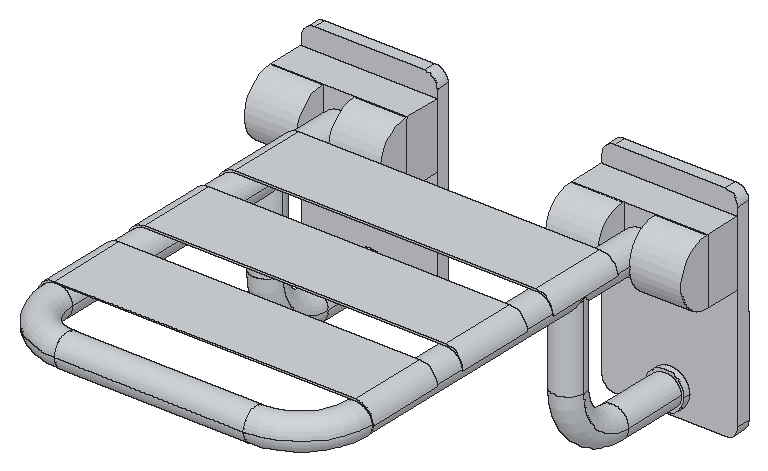
Revit family
Parameters
  Weight Limit = 330
  Warranty Duration (Years) = 0
  Unit Weight = 12.12
  Unit Length = 0' - 11 3/4"
  URL = "http://www.pontegiulio.com"
  Specification = "http://www.arcat.com/sd/clients/pontegiu.html?coid=43483"
  Send Message = "http://www.arcat.com/users.pl?action=UserEmail&company=Ponte%20Giulio&coid=43483&rep=132&fax=877-766-8306&mf="
  Seat Width = 1' - 1"
  Seat Depth = 1' - 5 1/2"
  Sales Information = "http://www.pontegiulio.it/us/info.php"
  Revision = "R1_01-2010"
  Product Properties = "http://www.pgdb.it/schede/us/G40JDSxx27_us.pdf"
  Product Data = "http://www.arcat.com/arcatcos/cos43/arc43483.html"
  Model = "Grab Bar as Specified in 10 28 13"
  Manufacturer's Notes = ""
  Manufacturer Website = "http://www.pontegiulio.com"
  Manufacturer Phone - Toll Free = "877-766-8301 "
  Manufacturer Fax = "877-766-8306"
  Manufacturer Address = "W241 S4021 Rockwood Circle, Waukesha, WI 53189"
  Manufacturer = "Ponte Giulio"
  Maintenance Schedule (Months) = 0
  Keynote = "10 28 13"
  Installation-Fabrication = ""
  Installation Phase = ""
  Green Building-LEED = "http://www.arcat.com/green/clients/leed_data_43483.html"
  Expected Lifespan (Years) = 0
  Drawn By = "Robert S. Weygant, CSI, CDT, SCIP"
  Diameter = 0' - 1 1/4"
  Description = "Grab Bar as Specified in 10 28 13"
  Default Elevation = 2' - 0"
  Copyright = "2010 ARCAT, Inc"
  Construction Details = ""
  Building Codes = ""
  Bath Fixture Material [instance] = none
  Assembly Code = "C1030200"
  AK_Include Optional Component - Y88JKSN113 Eighth Inch Wall Protection Plate = yes
  AK_Code Compliance = "ADA"
Reference planes (in)
  plane 1 "Center (Front/Back)": y = 0
  plane 2: z = 0
  plane 3 "Center (Left/Right)": x = 0
  plane 4: y = -0.5
  plane 5: x = -5.875
  plane 6: x = -8.53125
  plane 7: x = -3.21875
  plane 8: x = 5.875
  plane 9: x = 8.53125
  plane 10: x = 3.21875
  plane 11: y = -18
  plane 12 "CL": z = 45.73643
  plane 13: z = 40.11143
  plane 14: y = -5.5
  plane 15: y = -5.75
Forms (in)
  Extrusion 1, solid, material <- "Bath Fixture Material"
    sketch origin (-13.29009, -0.125, 37.45518) x (0, 0, 1) y (0, -1, 0)
      loop
        line (7, 1.875) -> (7, 0.375) -> (9.5625, 0.375) -> (9.5625, 1.875) -> (7, 1.875)
    from 4.75884 to 10.07134
  Revolve 2, solid, material <- "Bath Fixture Material"
    sketch origin (-13.29009, -2, 37.45518) x (0, 0, -1) y (1, 0, 0)
      loop
        line (-8.28125, 4.75884) -> (-7, 4.75884) -> (-7, 6.79009) -> (-8.28125, 6.79009) -> (-8.28125, 4.75884)
      loop
        line (-8.28125, 10.07134) -> (-8.28125, 8.04009) -> (-7, 8.04009) -> (-7, 10.07134) -> (-8.28125, 10.07134)
      axis (-8.28125, 4.75884) -> (-8.28125, 10.07134)
    angle from 180 to 360
  Extrusion 3, solid, material <- "Bath Fixture Material"
    sketch origin (13.29009, -0.125, 37.45518) x (0, 0, 1) y (0, 1, 0)
      loop
        line (7, -1.875) -> (9.5625, -1.875) -> (9.5625, -0.375) -> (7, -0.375) -> (7, -1.875)
    from 4.75884 to 10.07134
  Revolve 4, solid, material <- "Bath Fixture Material"
    sketch origin (13.29009, -2, 37.45518) x (0, 0, -1) y (1, 0, 0)
      loop
        line (-8.28125, -4.75884) -> (-8.28125, -6.79009) -> (-7, -6.79009) -> (-7, -4.75884) -> (-8.28125, -4.75884)
      loop
        line (-8.28125, -10.07134) -> (-7, -10.07134) -> (-7, -8.04009) -> (-8.28125, -8.04009) -> (-8.28125, -10.07134)
      axis (-8.28125, -4.75884) -> (-8.28125, -10.07134)
    angle from 180 to 360
  Sweep 5, solid, material <- "Bath Fixture Material"
    path in 3D
      loop
        line (-5.875, -1.625, 45.73643) -> (-5.875, -15.8125, 45.73643)
        arc (-5.875, -15.8125, 45.73643) -> (-5.2343, -17.3593, 45.73643) -> (-3.6875, -18, 45.73643) r 2.1875
        line (-3.6875, -18, 45.73643) -> (3.6875, -18, 45.73643)
        arc (3.6875, -18, 45.73643) -> (5.2343, -17.3593, 45.73643) -> (5.875, -15.8125, 45.73643) r 2.1875
        line (5.875, -15.8125, 45.73643) -> (5.875, -1.625, 45.73643)
    profile origin (-5.875, -8.71875, 45.73643) x (1, 0, 0) y (0, 0, 1)
      loop
        circle (0, 0) r 0.625
  Sweep 6, solid, material <- "Bath Fixture Material"
    path in 3D
      loop
        line (-5.875, -5.5, 45.73643) -> (-5.875, -5.5, 42.29893)
        arc (-5.875, -5.5, 42.29893) -> (-5.875, -4.8593, 40.75213) -> (-5.875, -3.3125, 40.11143) r 2.1875
        line (-5.875, -3.3125, 40.11143) -> (-5.875, -0.5, 40.11143)
    profile origin (-5.875, -5.5, 44.01768) x (-1, 0, 0) y (0, -1, 0)
      loop
        circle (0, 0) r 0.625
  Sweep 7, solid, material <- "Bath Fixture Material"
    path in 3D
      loop
        line (5.875, -5.5, 45.73643) -> (5.875, -5.5, 42.29893)
        arc (5.875, -5.5, 42.29893) -> (5.875, -4.8593, 40.75213) -> (5.875, -3.3125, 40.11143) r 2.1875
        line (5.875, -3.3125, 40.11143) -> (5.875, -0.5, 40.11143)
    profile origin (5.875, -5.5, 44.01768) x (1, 0, 0) y (0, 1, 0)
      loop
        circle (0, 0) r 0.625
  Extrusion 8, solid, material <- "Bath Fixture Material"
    sketch origin (0, 0, 0) x (1, 0, 0) y (0, 0, 1)
      loop
        circle (-5.875, 40.11143) r 0.75
      loop
        circle (5.875, 40.11143) r 0.75
    from 0.5 to 0.75
  Extrusion 9, solid, material <- "Bath Fixture Material"
    sketch origin (-9.82813, -9.84375, 0) x (-1, 0, 0) y (0, 0, 1)
      loop
        line (-15.70313, 46.36143) -> (-3.95313, 46.36143)
        arc (-3.95313, 46.36143) -> (-3.51118, 46.17837) -> (-3.32813, 45.73643) r 0.625
        line (-3.32813, 45.73643) -> (-3.26563, 45.73643)
        arc (-3.26563, 45.73643) -> (-3.46699, 46.22256) -> (-3.95313, 46.42393) r 0.6875
        line (-3.95313, 46.42393) -> (-15.70313, 46.42393)
        arc (-15.70313, 46.42393) -> (-16.18926, 46.22256) -> (-16.39063, 45.73643) r 0.6875
        line (-16.39063, 45.73643) -> (-16.32813, 45.73643)
        arc (-16.32813, 45.73643) -> (-16.14507, 46.17837) -> (-15.70313, 46.36143) r 0.625
    from 2.78125 to 5.90625
  Extrusion 10, solid, material <- "Bath Fixture Material"
    sketch origin (-9.82813, -13.48721, 0) x (-1, 0, 0) y (0, 0, 1)
      loop
        line (-15.70313, 46.36143) -> (-3.95313, 46.36143)
        arc (-3.95313, 46.36143) -> (-3.51118, 46.17837) -> (-3.32813, 45.73643) r 0.625
        line (-3.32813, 45.73643) -> (-3.26563, 45.73643)
        arc (-3.26563, 45.73643) -> (-3.46699, 46.22256) -> (-3.95313, 46.42393) r 0.6875
        line (-3.95313, 46.42393) -> (-15.70313, 46.42393)
        arc (-15.70313, 46.42393) -> (-16.18926, 46.22256) -> (-16.39063, 45.73643) r 0.6875
        line (-16.39063, 45.73643) -> (-16.32813, 45.73643)
        arc (-16.32813, 45.73643) -> (-16.14507, 46.17837) -> (-15.70313, 46.36143) r 0.625
    from -2.375 to 0.75
  Extrusion 11, solid, material <- "Bath Fixture Material"
    sketch origin (-9.82812, -11.65625, 0) x (-1, 0, 0) y (0, 0, 1)
      loop
        line (-15.70313, 46.36143) -> (-3.95313, 46.36143)
        arc (-3.95313, 46.36143) -> (-3.51118, 46.17837) -> (-3.32813, 45.73643) r 0.625
        line (-3.32813, 45.73643) -> (-3.26563, 45.73643)
        arc (-3.26563, 45.73643) -> (-3.46699, 46.22256) -> (-3.95313, 46.42393) r 0.6875
        line (-3.95313, 46.42393) -> (-15.70313, 46.42393)
        arc (-15.70313, 46.42393) -> (-16.18926, 46.22256) -> (-16.39063, 45.73643) r 0.6875
        line (-16.39063, 45.73643) -> (-16.32813, 45.73643)
        arc (-16.32813, 45.73643) -> (-16.14507, 46.17837) -> (-15.70313, 46.36143) r 0.625
    from 0.1875 to 3.3125
  Extrusion 12, solid, material <- "Bath Fixture Material", visible <- "AK_Include Optional Component - Y88JKSN113 Eighth Inch Wall Protection Plate"
    sketch origin (0, 0, 0) x (1, 0, 0) y (0, 0, 1)
      loop
        arc (-8.03125, 47.83018) -> (-8.3848, 47.68373) -> (-8.53125, 47.33018) r 0.5
        line (-8.53125, 47.33018) -> (-8.53125, 39.64268)
        arc (-8.53125, 39.64268) -> (-8.3848, 39.28912) -> (-8.03125, 39.14268) r 0.5
        line (-8.03125, 39.14268) -> (-3.71875, 39.14268)
        arc (-3.71875, 39.14268) -> (-3.3652, 39.28912) -> (-3.21875, 39.64268) r 0.5
        line (-3.21875, 39.64268) -> (-3.21875, 47.33018)
        arc (-3.21875, 47.33018) -> (-3.3652, 47.68373) -> (-3.71875, 47.83018) r 0.5
        line (-3.71875, 47.83018) -> (-8.03125, 47.83018)
      loop
        line (8.03125, 47.83018) -> (3.71875, 47.83018)
        arc (3.71875, 47.83018) -> (3.3652, 47.68373) -> (3.21875, 47.33018) r 0.5
        line (3.21875, 47.33018) -> (3.21875, 39.64268)
        arc (3.21875, 39.64268) -> (3.3652, 39.28912) -> (3.71875, 39.14268) r 0.5
        line (3.71875, 39.14268) -> (8.03125, 39.14268)
        arc (8.03125, 39.14268) -> (8.3848, 39.28912) -> (8.53125, 39.64268) r 0.5
        line (8.53125, 39.64268) -> (8.53125, 47.33018)
        arc (8.53125, 47.33018) -> (8.3848, 47.68373) -> (8.03125, 47.83018) r 0.5
    from 0 to 0.5
Lines and regions (in)
  model lines
    curve 1: line (-5.875, -1.5, 45.73643) -> (-5.875, -15.8125, 45.73643)
    curve 2: line (-3.6875, -18, 45.73643) -> (3.6875, -18, 45.73643)
    curve 3: line (5.875, -15.8125, 45.73643) -> (5.875, -1.5, 45.73643)
    curve 4: arc (-5.875, -15.8125, 45.73643) -> (-5.2343, -17.3593, 45.73643) -> (-3.6875, -18, 45.73643) r 2.1875
    curve 5: arc (3.6875, -18, 45.73643) -> (5.2343, -17.3593, 45.73643) -> (5.875, -15.8125, 45.73643) r 2.1875
    curve 6: line (5.875, -5.5, 45.73643) -> (5.875, -5.5, 42.29893)
    curve 7: line (5.875, -3.3125, 40.11143) -> (5.875, -0.5, 40.11143)
    curve 8: arc (5.875, -5.5, 42.29893) -> (5.875, -4.8593, 40.75213) -> (5.875, -3.3125, 40.11143) r 2.1875
    curve 9: line (-5.875, -5.5, 45.73643) -> (-5.875, -5.5, 42.29893)
    curve 10: line (-5.875, -3.3125, 40.11143) -> (-5.875, -0.5, 40.11143)
    curve 11: arc (-5.875, -5.5, 42.29893) -> (-5.875, -4.8593, 40.75213) -> (-5.875, -3.3125, 40.11143) r 2.1875
  sketch lines
    curve 12: line (-5.875, -1.625, 45.73643) -> (-5.875, -15.8125, 45.73643)
    curve 13: arc (-5.875, -15.8125, 45.73643) -> (-5.2343, -17.3593, 45.73643) -> (-3.6875, -18, 45.73643) r 2.1875
    curve 14: line (-3.6875, -18, 45.73643) -> (3.6875, -18, 45.73643)
    curve 15: arc (3.6875, -18, 45.73643) -> (5.2343, -17.3593, 45.73643) -> (5.875, -15.8125, 45.73643) r 2.1875
    curve 16: line (5.875, -15.8125, 45.73643) -> (5.875, -1.625, 45.73643)
    curve 17: line (-5.875, -5.5, 45.73643) -> (-5.875, -5.5, 42.29893)
    curve 18: arc (-5.875, -5.5, 42.29893) -> (-5.875, -4.8593, 40.75213) -> (-5.875, -3.3125, 40.11143) r 2.1875
    curve 19: line (-5.875, -3.3125, 40.11143) -> (-5.875, -0.5, 40.11143)
    curve 20: line (5.875, -5.5, 45.73643) -> (5.875, -5.5, 42.29893)
    curve 21: arc (5.875, -5.5, 42.29893) -> (5.875, -4.8593, 40.75213) -> (5.875, -3.3125, 40.11143) r 2.1875
    curve 22: line (5.875, -3.3125, 40.11143) -> (5.875, -0.5, 40.11143)
Dimensions and locks (in)
  Extrusion 1 sketch curve to Extrusion 1 sketch curve = 0' - 2 9/16"  (x2)
  locked: plane 4 to plane 1 "Center (Front/Back)" at 0.5
  Extrusion 3 sketch curve to Extrusion 3 sketch curve = 0' - 2 9/16"  (x2)
  equal spacing: plane 6, plane 5, plane 7, locked at 2.65625 each
  locked: plane 6 to plane 7 at 5.3125
  equal spacing: plane 10, plane 8, plane 9, locked at 2.65625 each
  locked: plane 10 to plane 9 at 5.3125
  locked: Revolve 2 sketch curve to Revolve 2 sketch curve at 2.03125  (x2)
  locked: Revolve 4 sketch curve to Revolve 4 sketch curve at 2.03125  (x2)
  equal spacing: plane 5, plane 3 "Center (Left/Right)", plane 8
  "Unit Length": plane 5 to plane 8
  "Seat Depth": plane 11 to plane 4
  locked: plane 12 "CL" to plane 13 at 5.625
  plane 14 to plane 4 = 0' - 5"
  aligned and locked: Revolve 2 sketch curve to Extrusion 1  (x3)
  aligned and locked: Extrusion 1 to Revolve 2 sketch curve
  aligned and locked: Extrusion 1 to plane 4
  aligned and locked: Extrusion 1 to Revolve 2  (x2)
  aligned and locked: Revolve 4 sketch curve to Extrusion 3
  aligned and locked: Extrusion 3 to Revolve 4 sketch curve
  aligned and locked: Revolve 4 to Extrusion 3  (x2)
  aligned and locked: plane 6 to Extrusion 1
  aligned and locked: Revolve 2 to Extrusion 1
  aligned and locked: Extrusion 1 to plane 7
  aligned and locked: plane 9 to Extrusion 3
  aligned and locked: Extrusion 3 to Revolve 4
  aligned and locked: Extrusion 3 to plane 10
  aligned and locked: Extrusion 3 to plane 4
  aligned and locked: Revolve 4 sketch curve to plane 9
  aligned and locked: Revolve 4 sketch curve to plane 10
  aligned and locked: Extrusion 8 to Extrusion 1
  aligned and locked: Extrusion 8 to plane 4
  aligned and locked: plane 5 to Extrusion 11 sketch curve  (x2)
  aligned and locked: plane 8 to Extrusion 11 sketch curve  (x2)
  aligned and locked: plane 8 to Extrusion 9 sketch curve
  aligned and locked: plane 5 to Extrusion 9 sketch curve
  aligned and locked: plane 5 to Extrusion 10 sketch curve  (x2)
  aligned and locked: plane 8 to Extrusion 10 sketch curve  (x2)
  aligned and locked: plane 6 to Extrusion 12 sketch curve
  aligned and locked: plane 7 to Extrusion 12 sketch curve
  aligned and locked: Extrusion 12 sketch curve to plane 10
  aligned and locked: Extrusion 12 sketch curve to plane 9
  aligned and locked: Extrusion 1 to Extrusion 3
  aligned and locked: Extrusion 12 to plane 1 "Center (Front/Back)"
  aligned and locked: Extrusion 12 to Extrusion 1
  aligned and locked: plane 4 to Extrusion 12
Automatic sketch dimensions
  plane 1 "Center (Front/Back)" to Extrusion 1 sketch curve = 0' - 0 1/2"
  plane 12 "CL" to Extrusion 1 sketch curve = 0' - 1 9/32"
  plane 1 "Center (Front/Back)" to Extrusion 1 sketch curve = 0' - 2"
  Revolve 2 sketch curve to plane 12 "CL" = 0' - 0"  (x3)
  plane 6 to Revolve 2 sketch curve = 1' - 4.32225"
  plane 1 "Center (Front/Back)" to Extrusion 3 sketch curve = 0' - 0 1/2"
  plane 12 "CL" to Extrusion 3 sketch curve = 0' - 1 9/32"
  Extrusion 3 sketch curve to Extrusion 3 sketch curve = 0' - 1 1/2"
  Revolve 4 sketch curve to plane 12 "CL" = 0' - 0"  (x3)
  Revolve 4 sketch curve to Revolve 4 sketch curve = 0' - 0.64221"
  plane 9 to Revolve 4 sketch curve = 1' - 6.11853"
  curve 3 to plane 8 = 0' - 0"
  curve 1 to plane 5 = 0' - 0"
  curve 2 to plane 11 = 0' - 0"
  plane 11 to curve 5 = 0' - 2 3/16"
  plane 1 "Center (Front/Back)" to curve 1 = 0' - 1 1/2"
  plane 1 "Center (Front/Back)" to curve 3 = 0' - 1 1/2"
  Sweep 5 sketch curve to profile plane = 0' - 0"  (x2)
  Sweep 6 sketch curve to profile plane = 0' - 0"  (x2)
  Sweep 7 sketch curve to profile plane = 0' - 0"  (x2)
  Extrusion 8 sketch curve to plane 5 = 0' - 0"
  Extrusion 8 sketch curve to plane 8 = 0' - 0"
  Extrusion 8 sketch curve to plane 13 = 0' - 0"  (x2)
  Extrusion 11 sketch curve to plane 12 "CL" = 0' - 0"  (x2)
  Extrusion 11 sketch curve to Extrusion 11 sketch curve = 0' - 0 5/8"
  Extrusion 11 sketch curve to Extrusion 11 sketch curve = 0' - 0 1/16"
  Extrusion 9 sketch curve to Extrusion 9 sketch curve = 0' - 0"  (x2)
  Extrusion 9 sketch curve to plane 12 "CL" = 0' - 0"  (x2)
  Extrusion 9 sketch curve to Extrusion 9 sketch curve = 0' - 0 5/8"
  Extrusion 9 sketch curve to Extrusion 9 sketch curve = 0' - 0 1/16"
  Extrusion 10 sketch curve to plane 12 "CL" = 0' - 0"  (x2)
  Extrusion 10 sketch curve to Extrusion 10 sketch curve = 0' - 0 5/8"
  Extrusion 10 sketch curve to Extrusion 10 sketch curve = 0' - 0 1/16"
  Extrusion 12 sketch curve to plane 6 = 0' - 0 1/2"  (x2)
  Extrusion 12 sketch curve to plane 13 = 0' - 0 31/32"  (x2)
  Extrusion 12 sketch curve to plane 12 "CL" = 0' - 1 19/32"  (x2)
  Extrusion 12 sketch curve to plane 9 = 0' - 0 1/2"  (x2)
  plane 10 to Extrusion 12 sketch curve = 0' - 0 1/2"  (x2)
  plane 3 "Center (Left/Right)" to Revolve 2 sketch curve = 0' - 0.43769"
  plane 7 to Extrusion 12 sketch curve = 0' - 0 1/2"  (x2)
  curve 7 to plane 4 = 0' - 0"
  curve 7 to plane 13 = 0' - 0"
  curve 8 to plane 14 = 0' - 0"
  curve 6 to plane 12 "CL" = 0' - 0"
  curve 10 to plane 4 = 0' - 0"
  curve 10 to plane 13 = 0' - 0"
  curve 11 to plane 14 = 0' - 0"
  curve 9 to plane 12 "CL" = 0' - 0"
  plane 14 to curve 10 = 0' - 2 3/16"
  curve 7 to plane 14 = 0' - 2 3/16"
  plane 11 to curve 4 = 0' - 2 3/16"
  radius of Sweep 5 sketch curve = 0' - 0 5/8"
  radius of Sweep 6 sketch curve = 0' - 0 5/8"
  radius of Sweep 7 sketch curve = 0' - 0 5/8"
  radius of Extrusion 8 sketch curve = 0' - 0 3/4"  (x2)
